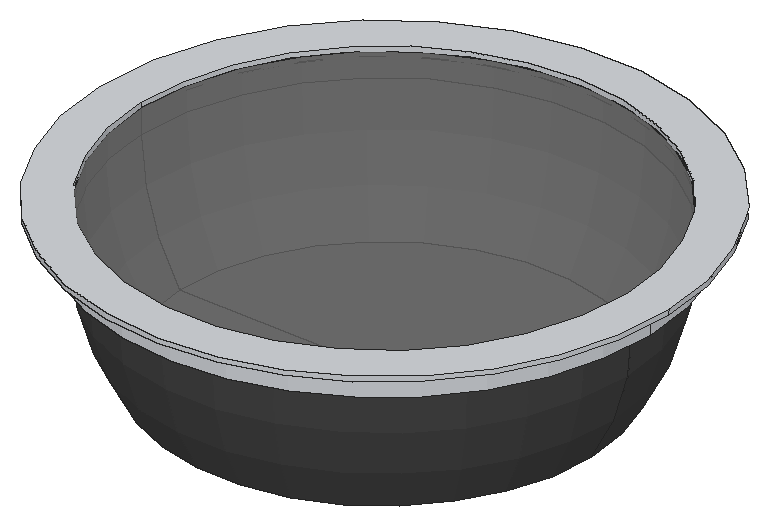
Revit family "3031828 Lighting Fixture_Sylvania_Syl-Lighter II_Ceiling Recessed", category Lighting Fixtures, host Face, Revit 2017
Family settings
  Host = Face
  Round Connector Dimension = Use Diameter
  Part Type = Normal
  OmniClass Number = 23.80.70.11.17
  OmniClass Title = Specialized Lighting by Location or Use
  Cut with Voids When Loaded = No
  Light Source = Yes
  Shared = No
  Room Calculation Point = No
Parameters (values of type "Syl-Lighter LED II 240 RO 25W WW DALI")
  Weight = 0.60 kg
  Wattage = 21.8668 W
  built-in parameter 1150110 = 1 (stored number, unit not read)
  Voltage Comments = "UNV (Universal Voltage; 220-240 Volt)"  # constant formula
  Voltage = 240 V  # constant formula
  URL = "http://www.sylvania-lighting.com"
  built-in parameter 1114217 = 1 (stored number, unit not read)
  Tilt Angle = -90.00°  # constant formula
  built-in parameter 1150109 = 1 (stored number, unit not read)
  built-in parameter 1150134 = (empty or 0)
  Ta Rating = "-10°C to +40°C"  # constant formula
  built-in parameter 1150113 = 1 (stored number, unit not read)
  Recessed Depth = Height  # 65.0 mm
  IP Rating = "IP44"  # constant formula
  IK Rating = "IK07"  # constant formula
  Energy Class = "A++, A+, A"  # constant formula
  Dimmable = "DALI"  # constant formula
  Catalog Number = "3031828 Syl-Lighter LED II 240 RO 25W WW DALI"
  Body Material = Metal_Sylvania_Syl-Lighter LED II_Silver
  Product Page URL = "http://www.sylvania-lighting.com/product/en-int/products/3031828"
  Product Family = "SYL-LIGHTER LED II"  # constant formula
  Photometry Comments = ""
  Photometric Web File = "3031828_Syl-LighterLEDII240RO25WWWDALI-187697.ies"
  built-in parameter 1150105 = 1178.1 (stored number, unit not read)
  Lumens = 2071 lm
  built-in parameter 1150115 = 1 (stored number, unit not read)
  built-in parameter 1150137 = (empty or 0)
  built-in parameter 1150139 = (empty or 0)
  Life = "50 000h"  # constant formula
  built-in parameter 1150112 = 1 (stored number, unit not read)
  built-in parameter 1150114 = 1 (stored number, unit not read)
  Lamp Comments = "Integrated LED"
  built-in parameter 1150132 = 2
  built-in parameter 1150102 = (empty or 0)
  built-in parameter 1150107 = 3000 (stored number, unit not read)
  built-in parameter 1150138 = (empty or 0)
  built-in parameter 1150106 = 11.781 (stored number, unit not read)
  Glow Wire Test = 650 °C  # constant formula
  Emit from Circle Diameter = Diffuser Diameter  # 205.0 mm
  Emit Shape Visible in Rendering = no
  built-in parameter 1150104 = 8.7988 (stored number, unit not read)
  Drive Current = "450mA"
  Dimming Lamp Color Temperature Shift = <None>
  Diffuser Radius = Diffuser Diameter / 2  # 102.5 mm
  Diffuser Diameter = Diameter - 20.0 mm  # 205.0 mm
  Inner Diameter = Diameter - 4.0 mm  # 221.0 mm
  Cutout Diameter = Diameter  # 225.0 mm
  Color Filter = 16777215
  Beam Angle = 74.00°
  built-in parameter 1114218 = 1 (stored number, unit not read)
  built-in parameter 1150133 = 10 (stored number, unit not read)
  Height = 65.0 mm
  Electrical Protection = "CLASS II"  # constant formula
  built-in parameter 1114216 [instance] = 1 (stored number, unit not read)
  Model = "Syl-Lighter LED II 240 RO 25W WW DALI"
  Manufacturer = "Feilo Sylvania"  # constant formula
  Lamp = "LED"
  Diffuser Material = Polycarbonate_Sylvania_Syl-Lighter LED II_Opal
  Description = "Syl-Lighter LED II is available in 4 different round body sizes: 165mm, 195mm, 220mm & 240mm Syl-Lighter LED II 165 12W delivers a 1,134 lumen output (4,000K) - perfect for 1x26W CFL replacement Syl-Lighter LED II 195 15W delivers a 1,480 lumen output (4,000K) - perfect for 1x32W/2x18W CFL replacement Syl-Lighter LED II 220 21W delivers a 1,989 lumen output (4,000K) - perfect for 1x42W CFL replacement Syl-Lighter LED II 240 25W delivers a 2,289 lumen output (4,000K)- perfect for 2x26W CFL replacement High efficacy up to 99lm/W (Syl-Lighter LED II 195 4,000K) IP44 rating allows for installation in applicable wet zone areas Choice of 3,000K (warm white) or 4,000K (neutral white) Shallow recess depth of <65mm Can replace existing large CFL downlights using a 225mm ceiling cut out (Syl-Lighter LED II 240) Energy efficient electronic gear including analogue 1-10V and DALI dimmable options IK07 polycarbonate diffuser allows for a wider light distribution than a reflector downlight, allowing for increased spacings between luminaires 3 hour emergency pack available (to be ordered in addition to the luminaire) Ideal for applications such as corridors, public WCs and back of house areas Quick and easy to install Loop in-Loop out facility with red push fit terminal block for quick wiring White bezel (RAL 9003) Energy Class: A++, A+, A Long lifetime: 50,000 hours life at L70 (L80: 30,000 hours, L90: 15,000 hours)"  # constant formula
  Default Elevation = 0.0 mm
  built-in parameter 1140040 [instance] = 1
  Assembly Code = "D5020200"
  Apparent Load Comments = ""
  Apparent Load = 25 VA
  Accessory Radius = Accessory Diameter / 2  # 120.0 mm
  Accessory Material = Aluminum_Sylvania_Syl-Lighter LED II_White_RAL 9003
  Diameter = 225.0 mm
  Accessory Diameter = 240.0 mm
Reference planes
  plane 1 "Center (Front/Back)": y = 0
  plane 2: z = 0
  plane 3 "Center (Left/Right)": x = 0
  plane 4 "Fixture Bottom": z = 2
  plane 5: z = -10
  plane 6 "Fixture Top": z = -65
  plane 7: z = -2
Forms (mm)
  Extrusion 1, void
    sketch origin (0, 0, 58) x (-1, 0, 0) y (0, -1, 0)
      loop
        circle (0, 0) r 112.5
    from -171 to -55
  Extrusion 2, solid, detail levels fine
    sketch origin (0, 0, 58) x (-1, 0, 0) y (0, -1, 0)
      loop
        circle (0, 0) r 112.5
      loop
        circle (0, 0) r 110.5
    from -68 to -58
  Extrusion 3, solid, detail levels fine
    sketch origin (0, 0, 58) x (-1, 0, 0) y (0, -1, 0)
      loop
        circle (0, 0) r 120
      loop
        circle (0, 0) r 102.5
    from -58 to -56
  Extrusion 4, solid, material "Polycarbonate_Sylvania_Syl-Lighter LED II_Opal" <- "Diffuser Material", detail levels fine
    sketch origin (0, 0, 58) x (-1, 0, 0) y (0, -1, 0)
      loop
        circle (0, 0) r 102.5
    from -60 to -58
  Revolve 5, solid, material "Metal_Sylvania_Syl-Lighter LED II_Silver" <- "Body Material", detail levels fine
    sketch origin (0, 0, 0) x (1, 0, 0) y (0, 0, 1)
      loop
        line (-102.5, 0) -> (-104.5, 0) -> (-104.5, -10)
        arc (-104.5, -10) -> (-100.153, -38.784) -> (-87.5, -65) r 97.471
        line (-87.5, -65) -> (0, -65) -> (0, -63) -> (-86.437, -63)
        arc (-86.437, -63) -> (-98.396, -37.69) -> (-102.5, -10) r 95.471
        line (-102.5, -10) -> (-102.5, 0)
      axis (0, -65) -> (0, 0)
    angle from 0 to 360
  Revolve 6, solid, material "Aluminum_Sylvania_Syl-Lighter LED II_White_RAL 9003" <- "Accessory Material", detail levels coarse+medium
    sketch origin (0, 0, 0) x (1, 0, 0) y (0, 0, 1)
      loop
        line (-120, 2) -> (-120, 0) -> (-112.5, 0) -> (-112.5, -10) -> (-104.5, -10)
        arc (-104.5, -10) -> (-100.153, -38.784) -> (-87.5, -65) r 97.471
        line (-87.5, -65) -> (0, -65) -> (0, 2) -> (-120, 2)
      axis (0, 2) -> (0, -65)
    angle from 0 to 360
Cuts and joins
  joined: Extrusion 2, Extrusion 3
Lines and regions (mm)
  Masking region 1
    outline origin (0, 0, 58) x (-1, 0, 0) y (0, -1, 0)
      loop
        circle (0, 0) r 120
  symbolic lines, detail levels fine
    curve 1: arc (-102.5, 0, 58) -> (0, 102.5, 58) -> (102.5, 0, 58) r 102.5
    curve 2: arc (102.5, 0, 58) -> (0, -102.5, 58) -> (-102.5, 0, 58) r 102.5
Dimensions and locks
  locked: plane 4 "Fixture Bottom" to plane 2 at 2
  locked: plane 2 to plane 5 at 10
  "Height": plane 2 to plane 6 "Fixture Top"
  locked: plane 2 to plane 7 at 2
  "Diffuser Radius": plane 3 "Center (Left/Right)" to Revolve 5 sketch curve
  locked: Revolve 5 sketch curve to Revolve 5 sketch curve at 2
  locked: Revolve 5 sketch curve to Revolve 5 sketch curve at 15
  "Accessory Radius": plane 3 "Center (Left/Right)" to Revolve 6 sketch curve
  Revolve 6 sketch curve to Revolve 6 sketch curve to Revolve 6 sketch curve to Revolve 6 sketch curve = 7.5 mm locked, 8.0 mm locked, 17.0 mm locked
  "Cutout Diameter": diameter of Extrusion 1 sketch curve
  "Diameter": diameter of Extrusion 2 sketch curve
  "Inner Diameter": diameter of Extrusion 2 sketch curve
  "Accessory Diameter": diameter of Extrusion 3 sketch curve
  "Diffuser Diameter": diameter of Extrusion 3 sketch curve
  "Diffuser Diameter": diameter of Extrusion 4 sketch curve
  "Accessory Diameter": diameter of Masking region 1 sketch curve
  aligned and locked: host face to plane 2
  aligned and locked: host face to level
  aligned and locked: plane 4 "Fixture Bottom" to Extrusion 3
  aligned and locked: Extrusion 3 to plane 2
  aligned and locked: Extrusion 2 to plane 5
  aligned and locked: Extrusion 2 to plane 2
  aligned and locked: Extrusion 4 to plane 7
  aligned and locked: plane 2 to Extrusion 4
  aligned and locked: Revolve 5 sketch curve to plane 2
  aligned and locked: plane 5 to Revolve 5 sketch curve  (x2)
  aligned and locked: Revolve 5 sketch curve to plane 3 "Center (Left/Right)"
  aligned and locked: plane 3 "Center (Left/Right)" to Revolve 5 sketch curve
  aligned and locked: Revolve 6 sketch curve to plane 5
  aligned and locked: Revolve 6 sketch curve to plane 2
  aligned and locked: Revolve 6 sketch curve to plane 4 "Fixture Bottom"
  aligned and locked: plane 3 "Center (Left/Right)" to Revolve 6 sketch curve
  aligned and locked: Revolve 6 sketch curve to plane 3 "Center (Left/Right)"
  aligned and locked: plane 3 "Center (Left/Right)" to imposter light
  aligned and locked: imposter light to plane 1 "Center (Front/Back)"
  aligned and locked: imposter light to plane 4 "Fixture Bottom"
  aligned and locked: curve 1 to cut or joined group of Extrusion 2, Extrusion 3
Automatic sketch dimensions
  host sketch curve to host sketch curve = 700.0 mm
  host sketch curve to host sketch curve = 620.0 mm
  plane 1 "Center (Front/Back)" to Extrusion 1 sketch curve = 0.0 mm
  Extrusion 1 sketch curve to plane 3 "Center (Left/Right)" = 0.0 mm
  Extrusion 2 sketch curve to Extrusion 2 sketch curve = 0.0 mm  (x2)
  plane 1 "Center (Front/Back)" to Extrusion 2 sketch curve = 0.0 mm
  Extrusion 2 sketch curve to plane 3 "Center (Left/Right)" = 0.0 mm
  Extrusion 3 sketch curve to Extrusion 3 sketch curve = 0.0 mm  (x2)
  plane 1 "Center (Front/Back)" to Extrusion 3 sketch curve = 0.0 mm
  Extrusion 3 sketch curve to plane 3 "Center (Left/Right)" = 0.0 mm
  plane 1 "Center (Front/Back)" to Extrusion 4 sketch curve = 0.0 mm
  Extrusion 4 sketch curve to plane 3 "Center (Left/Right)" = 0.0 mm
  Revolve 5 sketch curve to Revolve 5 sketch curve = 0.0 mm
  Revolve 5 sketch curve to plane 6 "Fixture Top" = 0.0 mm
  plane 6 "Fixture Top" to Revolve 5 sketch curve = 2.0 mm
  Revolve 5 sketch curve to plane 6 "Fixture Top" = 17.111 mm
  plane 4 "Fixture Bottom" to Revolve 5 sketch curve = 20.889 mm
  Revolve 6 sketch curve to plane 6 "Fixture Top" = 0.0 mm
  Revolve 6 sketch curve to Revolve 6 sketch curve = 63.885 mm
  Revolve 6 sketch curve to Revolve 6 sketch curve = 84.115 mm
  plane 1 "Center (Front/Back)" to Masking region 1 sketch curve = 0.0 mm
  Masking region 1 sketch curve to plane 3 "Center (Left/Right)" = 0.0 mm
Connectors
  electrical at (0, 0, -65), driven by "Apparent Load", driven by "Voltage"
    settings: on Revolve 5, index 1, voltage 240 V, apparent load 0 VA, apparent load phase1 25 VA, apparent load phase2 0 VA, apparent load phase3 0 VA, power factor 1, load classification "Lighting", number of poles 1, system type 31, power factor state 1, is connector primary yes, connector utility no, sub classification motor no, connector description ""
